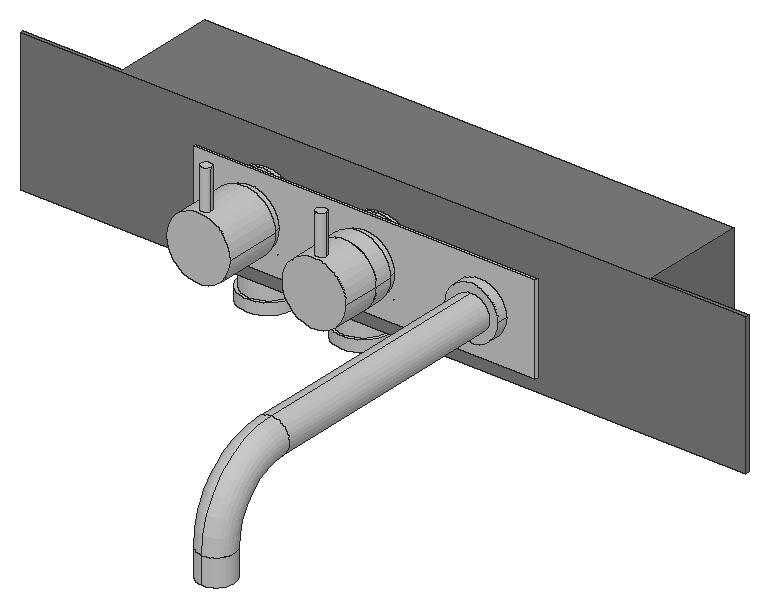
Revit family "5123CK", category Plumbing Fixtures, Revit 2021
Family settings
  Round Connector Dimension = Use Diameter
  Part Type = Normal
  Work Plane-Based = No
  Always vertical = Yes
  Cut with Voids When Loaded = No
  Shared = No
  Room Calculation Point = No
Parameters
  e-mail = "info@vola.com"
  URL = "http://vola.com"
  Telephone = "+45 7023 5500"
  Quality management standard = "ISO 9001"
  Organisation no. / DUNS no. = "17531328"
  Occupational health and safety management standard = "ISO 18001"
  Mounting Instructions = "http://vola.com/service/producturl.ashx?name=5123CK"
  Model = "5123CK"
  Mixer Offset [instance] = 12.00 mm
  Mixer = yes
  Materials and components information = "http://vola.com/service/producturl.ashx?name=5123CK"
  Manufacturer = "VOLA A/S"
  Maintenance Instructions = "http://vola.com/service/producturl.ashx?name=5123CK"
  Guarantee = "2 years"
  Flow = "30,00 l/min"
  Environmental management standard = "ISO 14000"
  Default Elevation = 0.00 mm
  Connection - All relevant connections = "¾\" for water connection"
  Approvals = "http://vola.com/service/producturl.ashx?name=5123CK"
Reference planes
  plane 1 "Center (Front/Back)": y = 0
  plane 2: z = 0
  plane 3 "Center (Left/Right)": x = 0
  plane 4 "Mixer plane": y = 12
  plane 5 "Wall Surface": y = 0
Forms (mm)
  Extrusion 1, solid, material "Stainless Steel", visible <- "Mixer"
    sketch origin (-16.5, 9.5, 0) x (0, 0, -1) y (1, 0, 0)
      loop
        circle (0, 16.5) r 16.5
    from 0 to 9.5
  Extrusion 2, solid, material "Stainless Steel", visible <- "Mixer"
    sketch origin (-102.89, 9.5, 0) x (0, 0, -1) y (1, 0, 0)
      loop
        circle (0, 24.89) r 25
    from 0 to 9.5
  Extrusion 3, solid, material "Stainless Steel", visible <- "Mixer"
    sketch origin (-180.89, 9.5, 0) x (0, 0, -1) y (1, 0, 0)
      loop
        circle (0, 24.89) r 24.89
    from 0 to 9.5
Dimensions and locks
  "Mixer Offset": plane 4 "Mixer plane" to plane 1 "Center (Front/Back)"
  aligned and locked: plane 2 to level
  aligned and locked: nested 1 to plane 4 "Mixer plane"
  aligned and locked: plane 1 "Center (Front/Back)" to Extrusion 2
  aligned and locked: plane 1 "Center (Front/Back)" to Extrusion 1
  aligned and locked: plane 1 "Center (Front/Back)" to Extrusion 3
Automatic sketch dimensions
  radius of Extrusion 1 sketch curve to nested 1 = 0.00 mm
  radius of Extrusion 3 sketch curve to nested 1 = 0.00 mm
  radius of nested 1 to Extrusion 2 sketch curve = 0.11 mm
Nested families
  nested 1: "5100" at (-117, 83.5, -85), visible <- "Mixer", type "5100"
  nested 2: "020C" at (0, -2, 0), type "020C"
  nested 3: "NR52" at (-78, -2, 0), type "NR52"
  nested 4: "NR51" at (-156, -2, 0), type "NR51"
  nested 5: "5003K" at (-78, 0, 0) x (1, 0, 0) z (0, -1, 0), type "5003K"
Connectors
  piping at (-124, 54.5, -85), diameter 37
    settings: on nested 1, index 1, connector inside diameter 1.45669", connector length 0.00 mm, flow factor 0, pipe flow 0 GPM, pressure drop 0.00 psi, fitting loss kfactor 0, connector angle 0.00°, fixture units 0, engagement length 0.00 mm, angle of deflection 0.00°, flow configuration 0, flow direction 1, fitting loss method 0, system type 20, joint type 0, gender type 0, connector reference index -1, connector utility 0, adjustable connector no, is connector primary yes, connector description ""
  piping at (-188, 54.5, -85), diameter 37
    settings: on nested 1, index 2, connector inside diameter 1.45669", connector length 0.00 mm, flow factor 0, pipe flow 0 GPM, pressure drop 0.00 psi, fitting loss kfactor 0, connector angle 0.00°, fixture units 0, engagement length 0.00 mm, angle of deflection 0.00°, flow configuration 0, flow direction 1, fitting loss method 0, system type 19, joint type 0, gender type 0, connector reference index -1, connector utility 0, adjustable connector no, is connector primary no, connector description ""
Definition of nested family "5100"
  Parameters
    e-mail = "info@vola.com"
    URL = "http://vola.com"
    Telephone = "+45 7023 5500"
    Quality management standard = "ISO 9001"
    Organisation no. / DUNS no. = "17531328"
    Occupational health and safety management standard = "ISO 18001"
    Mounting Instructions = "http://vola.com/service/producturl.ashx?name=5100"
    Model = "5100"
    Materials and components information = "http://vola.com/service/producturl.ashx?name=5100"
    Manufacturer = "VOLA A/S"
    Maintenance Instructions = "http://vola.com/service/producturl.ashx?name=5100"
    Guarantee = "2 years"
    Flow = "43,00 l/min"
    Environmental management standard = "ISO 14000"
    Default Elevation = 0.00 mm
    Connection - All relevant connections = ""
    Approvals = "http://vola.com/service/producturl.ashx?name=5100"
  Reference planes
    plane 1 "Center (Front/Back)": y = 0
    plane 2: z = 0
    plane 3 "Center (Left/Right)": x = 0
    plane 4 "Inlet Center Plane": y = -29
    plane 5: z = 85
  Forms (mm)
    Extrusion 1, solid
      sketch origin (10, 0, 16) x (1, 0, 0) y (0, 1, 0)
        loop
          line (-147.5, 0) -> (-147.5, -69) -> (210.5, -69) -> (210.5, 0) -> (-147.5, 0)
      from 21.5 to 116.5
    Extrusion 2, solid
      sketch origin (10, -1, 16) x (1, 0, 0) y (0, 1, 0)
        loop
          line (-215, -68) -> (-215, -70.5) -> (275.5, -70.5) -> (275.5, -68) -> (-215, -68)
      from 21.5 to 116.5
    Extrusion 3, solid
      sketch origin (-59, -4, 37.5) x (0, 1, 0) y (1, 0, 0)
        loop
          circle (-25, -12) r 16.5
      from 0 to 29.77
    Extrusion 4, solid
      sketch origin (5, -4, 37.5) x (0, 1, 0) y (1, 0, 0)
        loop
          circle (-25, -12) r 16.5
      from 0 to 29.77
    Extrusion 5, solid
      sketch origin (-51.5, -71.5, 16) x (-1, 0, 0) y (0, 0, -1)
        loop
          circle (-12.5, -69) r 24.89
      from 0 to 2.5
    Extrusion 6, solid
      sketch origin (26.5, -71.5, 16) x (-1, 0, 0) y (0, 0, -1)
        loop
          circle (-12.5, -69) r 24.89
      from 0 to 2.5
    Extrusion 7, solid
      sketch origin (65.5, -71.5, 16) x (-1, 0, 0) y (0, 0, -1)
        loop
          circle (-51.5, -69) r 16.5
      from 0 to 2.5
    Extrusion 8, solid
      sketch origin (-59, -4, 7.73) x (-1, 0, 0) y (0, 1, 0)
        loop
          circle (12, -25) r 18.5
      from 0 to 7.73
    Extrusion 9, solid
      sketch origin (5, -4, 7.73) x (-1, 0, 0) y (0, 1, 0)
        loop
          circle (12, -25) r 18.5
      from 0 to 7.73
  Cuts and joins
    joined: Extrusion 1, Extrusion 2
  Lines and regions (mm)
    reference lines
      curve 1: line (117, -29, 85) -> (117, -121.5, 85)
      curve 2: line (39, -29, 85) -> (39, -121.5, 85)
      curve 3: line (-39, -29, 85) -> (-39, -121.5, 85)
      curve 4: line (-71, -29, 85) -> (-71, -29, -14)
      curve 5: line (-7, -29, 85) -> (-7, -29, -14)
  Dimensions and locks
    aligned and locked: plane 2 to level
    aligned and locked: Extrusion 1 to Extrusion 2
    aligned and locked: Extrusion 2 to Extrusion 1
Definition of nested family "020C"
  Parameters
    e-mail = "info@vola.com"
    URL = "http://vola.com"
    Telephone = "+45 7023 5500"
    Quality management standard = "ISO 9001"
    Organisation no. / DUNS no. = "17531328"
    Occupational health and safety management standard = "ISO 18001"
    Mounting Instructions = "http://vola.com/service/producturl.ashx?name=020C"
    Model = "020C"
    Materials and components information = "http://vola.com/service/producturl.ashx?name=020C"
    Manufacturer = "VOLA A/S"
    Maintenance Instructions = "http://vola.com/service/producturl.ashx?name=020C"
    Guarantee = "2 years"
    Environmental management standard = "ISO 14000"
    Default Elevation = 0.00 mm
    Connection - All relevant connections = ""
    Approvals = "http://vola.com/service/producturl.ashx?name=020C"
  Reference planes
    plane 1 "Center (Front/Back)": y = 0
    plane 2: z = 0
    plane 3 "Center (Left/Right)": x = 0
  Forms (mm)
    Extrusion 1, solid
      sketch origin (0, 0, 0) x (1, 0, 0) y (0, 0, 1)
        loop
          circle (0, 0) r 18
      from 0 to 7
    Sweep 2, solid
      path origin (0, 0, 0) x (0, 1, 0) y (0, 0, 1)
        loop
          arc (-223, -47) -> (-209.234, -13.766) -> (-176, 0) r 47
          line (-176, 0) -> (-7, 0)
      profile origin (0, -91.5, 0) x (0, 0, 1) y (1, 0, 0)
        loop
          circle (0, 0) r 12
    Extrusion 3, solid
      sketch origin (0, -223, -47) x (1, 0, 0) y (0, -1, 0)
        loop
          circle (0, 0) r 12
      from 0 to 18
  Dimensions and locks
    aligned and locked: plane 2 to level
Definition of nested family "NR52"
  Parameters
    e-mail = "info@vola.com"
    URL = "http://vola.com"
    Telephone = "+45 7023 5500"
    Quality management standard = "ISO 9001"
    Organisation no. / DUNS no. = "17531328"
    Occupational health and safety management standard = "ISO 18001"
    Mounting Instructions = "http://vola.com/service/producturl.ashx?name=NR52"
    Model = "NR52"
    Materials and components information = "http://vola.com/service/producturl.ashx?name=NR52"
    Manufacturer = "VOLA A/S"
    Maintenance Instructions = "http://vola.com/service/producturl.ashx?name=NR52"
    Guarantee = "2 years"
    Environmental management standard = "ISO 14000"
    Default Elevation = 0.00 mm
    Connection - All relevant connections = ""
    Approvals = "http://vola.com/service/producturl.ashx?name=NR52"
  Reference planes
    plane 1 "Center (Front/Back)": y = 0
    plane 2: z = 0
    plane 3 "Center (Left/Right)": x = 0
  Forms (mm)
    Extrusion 1, solid
      sketch origin (0, 0, 0) x (1, 0, 0) y (0, 0, 1)
        loop
          circle (0, 0) r 20
      from 0 to 5
    Extrusion 2, solid
      sketch origin (0, 0, 0) x (1, 0, 0) y (0, 0, 1)
        loop
          circle (0, 0) r 21.5
      from 17 to 42.5
    Extrusion 3, solid
      sketch origin (0, -2, 0) x (0, -1, 0) y (1, 0, 0)
        loop
          circle (34.5, 0) r 3.5
      from 0 to 47.5
    Extrusion 4, solid
      sketch origin (0, 10.75, -47.4) x (0, -1, 0) y (1, 0, 0)
        loop
          circle (34.5, 0) r 3.5
      from 22.5 to 47.4
    Extrusion 5, solid
      sketch origin (0, 11.93, 0) x (1, 0, 0) y (0, 0, 1)
        loop
          circle (0, 0) r 21.5
      from 16.93 to 28.93
  Cuts and joins
    joined: Extrusion 2, Extrusion 3, Extrusion 4
  Dimensions and locks
    aligned and locked: plane 2 to level
    aligned and locked: Extrusion 2 to Extrusion 5
    aligned and locked: Extrusion 1 to Extrusion 5
Definition of nested family "NR51"
  Parameters
    e-mail = "info@vola.com"
    URL = "http://vola.com"
    Telephone = "+45 7023 5500"
    Quality management standard = "ISO 9001"
    Organisation no. / DUNS no. = "17531328"
    Occupational health and safety management standard = "ISO 18001"
    Mounting Instructions = "http://vola.com/service/producturl.ashx?name=NR51"
    Model = "NR51"
    Materials and components information = "http://vola.com/service/producturl.ashx?name=NR51"
    Manufacturer = "VOLA A/S"
    Maintenance Instructions = "http://vola.com/service/producturl.ashx?name=NR51"
    Guarantee = "2 years"
    Environmental management standard = "ISO 14000"
    Default Elevation = 0.00 mm
    Connection - All relevant connections = ""
    Approvals = "http://vola.com/service/producturl.ashx?name=NR51"
  Reference planes
    plane 1 "Center (Front/Back)": y = 0
    plane 2: z = 0
    plane 3 "Center (Left/Right)": x = 0
  Forms (mm)
    Extrusion 1, solid
      sketch origin (0, 0, 0) x (1, 0, 0) y (0, 0, 1)
        loop
          circle (0, 0) r 21.5
      from 5 to 42.5
    Extrusion 2, solid
      sketch origin (0, -2, 0) x (0, -1, 0) y (1, 0, 0)
        loop
          circle (34.5, 0) r 3.5
      from 0 to 47.5
    Extrusion 3, solid
      sketch origin (0, 0, 0) x (1, 0, 0) y (0, 0, 1)
        loop
          circle (0, 0) r 20
      from 0 to 5
  Cuts and joins
    joined: Extrusion 1, Extrusion 2
  Dimensions and locks
    aligned and locked: plane 2 to level
Definition of nested family "5003K"
  Parameters
    e-mail = "info@vola.com"
    URL = "http://vola.com"
    Telephone = "+45 7023 5500"
    Quality management standard = "ISO 9001"
    Organisation no. / DUNS no. = "17531328"
    Occupational health and safety management standard = "ISO 18001"
    Mounting Instructions = "http://vola.com/service/producturl.ashx?name=5003K"
    Model = "5003K"
    Materials and components information = "http://vola.com/service/producturl.ashx?name=5003K"
    Manufacturer = "VOLA A/S"
    Maintenance Instructions = "http://vola.com/service/producturl.ashx?name=5003K"
    Guarantee = "2 years"
    Environmental management standard = "ISO 14000"
    Default Elevation = 1219.20 mm
    Connection - All relevant connections = ""
    Approvals = "http://vola.com/service/producturl.ashx?name=5003K"
  Reference planes
    plane 1 "Center (Front/Back)": y = 0
    plane 2: z = 0
    plane 3 "Center (Left/Right)": x = 0
  Forms (mm)
    Extrusion 1, solid
      sketch origin (0, 0, 0) x (1, 0, 0) y (0, 1, 0)
        loop
          line (-115.5, 30) -> (-115.5, -30) -> (115.5, -30) -> (115.5, 30) -> (-115.5, 30)
        loop
          circle (0, 0) r 19.5
        loop
          circle (-78, 0) r 19.5
        loop
          circle (78, 0) r 16.5
      from 0 to 2
  Dimensions and locks
    aligned and locked: plane 2 to level
